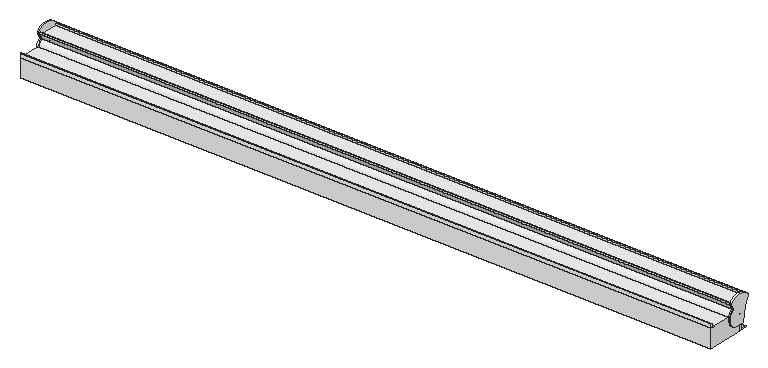
Revit family "SAE201", category Lighting Fixtures, host Face, Revit 2014
Parameters (values of type "SAE201-04")
  zz Length 2 = 48.000"
  zz Length 1 = zz Length 2 - 1.000" / 4  # 47.750"
  zz Angle 1 = if(Angle Tilt < 0.50°, 0.50°, if(Angle Tilt > 89.50°, 89.50°, Angle Tilt))  # 0.50°
  Warranty = "5 years warranty"  # constant formula
  Type Comments = "Lighting Fixture"  # constant formula
  Power Factor = 1
  Mounting = "Concealed Cove"  # constant formula
  Voltage = 120 V
  Wattage Comments = ""
  URL = "https://www.hubbell.com/litecontrol/en/"
  Product Page URL = "https://www.hubbell.com/litecontrol/en/Products/Lighting-Controls/Commercial-Indoor-Lighting/Perimeter-Lighting/SAE201-Adjustable-Concealed-Cove/p/2341526"
  Product Documentation Link = "https://hubbellcdn.com/specsheet/sae201.pdf"
  Model = "SAE201 Adjustable Concealed Cove"  # constant formula
  Manufacturer = "Litecontrol Lighting"  # constant formula
  Load Classification = Lighting
  Light Distribution = "Asymmetric Indirect"  # constant formula
  Lamp = "Fluorescent"  # constant formula
  Glass = Hubbell - White Glass
  Description = "SAE201 is a versatile, concealed, architectural cove light with the flexibility to adjust beam angle pre or post installation"  # constant formula
  Default Elevation = 48.000"
  Create Date = "05/21/2018"  # constant formula
  Copyright = "Copyright © 2016 Litecontrol"  # constant formula
  Contact Us = "https://www.hubbell.com/litecontrol/en/contactUs?productId=2341562"
  Backbox = Hubbell- Paint - Matte White
  Assembly Code = "D5020210"
  Apparent Load = 0 VA
  Angle option = MOD : 0 Degrees
  Angle Tilt = 0.00°
Types (5): name | zz Length 2 | zz Length 1 | zz Angle 1 | Angle Tilt
  (no name) | 48.000" | 47.750" | 0.50° | 0.00°
  SAE201-01 | 12.000" | 11.750" | 89.50° | 90.00°
  SAE201-02 | 24.000" | 23.750" | 89.50° | 90.00°
  SAE201-03 | 36.000" | 35.750" | 89.50° | 90.00°
  SAE201-04 | 48.000" | 47.750" | 0.50° | 0.00°
Reference planes (in)
  plane 1 "Center (Front/Back)": y = 0.03999
  plane 2: z = 0
  plane 3 "Center (Left/Right)": x = 1.66944
  plane 4: y = -1.21001
  plane 5: z = 1.14844
  plane 6: z = 2.4
  plane 7: y = 2.38999
  plane 8: y = 1.13218
Dimensions and locks (in)
  plane 6 to plane 2 = 2.400"
  plane 4 to plane 7 = 3.600"
  "zz Angle 1": angle nested 2 to plane 8
  aligned and locked: plane 2 to host face
  aligned and locked: level to host face
  aligned and locked: nested 1 to plane 3 "Center (Left/Right)"
  aligned and locked: nested 1 to plane 1 "Center (Front/Back)"
  aligned and locked: plane 4 to nested 1
  aligned and locked: plane 5 to nested 2
  aligned and locked: nested 2 to plane 3 "Center (Left/Right)"
Automatic sketch dimensions
  host sketch curve to host sketch curve = 96.000"  (x2)
Nested families (in)
  nested 1: "Housing" at (-0.37823, 0.07998, 0) x (-1, 0, 0) z (0, 0, 1), Glass <- "Glass", Backbox <- "Backbox", Row Length <- "zz Length 1", type "Housing"
    with Row Length 47.750", Glass Hubbell - White Glass, Backbox Hubbell- Paint - Matte White
  nested 2: "MOD" at (-22.33056, 1.13218, 1.14844) x (0, 1, -0.0087) z (1, 0, 0), type <- "Angle option", type "0 Degrees"
    with zz Length 1 48.000"
Connectors (in)
  electrical at (1.66944, 0.03999, 0), driven by "Load Classification", driven by "Voltage", driven by "Apparent Load", driven by "Power Factor"
    settings: on nested 1, index 1, voltage 120 V, apparent load 0 VA, apparent load phase1 0 VA, apparent load phase2 0 VA, apparent load phase3 0 VA, power factor 1, load classification "Lighting", number of poles 1, system type 30, power factor state 1, is connector primary yes, connector utility no, sub classification motor no, connector description "Electrical Connector"
Definition of nested family "Housing"
  Parameters (values of type "Housing")
    Wattage Comments = ""
    URL = ""
    Row Length [instance] = 48.000"
    Model = ""
    Manufacturer = ""
    Lamp = ""
    Glass [instance] = none
    Description = ""
    Default Elevation = 48.000"
    Backbox [instance] = none
  Reference planes (in)
    plane 1 "Center (Front/Back)": y = 0.03999
    plane 2: z = 0
    plane 3 "Center (Left/Right)": x = -2.04767
    plane 4: x = -26.04767
    plane 5: x = 21.95233
    plane 6: z = 1.25
    plane 7: y = 1.28999
    plane 8: y = -1.21001
    plane 9: y = -1.71001
    plane 10: z = 1.5
  Forms (in)
    Extrusion 1, solid
      sketch origin (0, 0, 0.06357) x (1, 0, 0) y (0, 1, 0)
        loop
          line (-48, 48) -> (-48, -48) -> (48, -48) -> (48, 48) -> (-48, 48)
      from -0.06357 to -17.74365
    Extrusion 2, solid, material <- "Backbox"
      sketch origin (-2.04767, 0, 0) x (0, 1, 0) y (0, 0, 1)
        loop
          line (1.28999, 1.25) -> (-1.21001, 1.25) -> (-1.21001, 0) -> (1.28999, 0) -> (1.28999, 1.25)
      from -24 to 24
    Extrusion 3, solid, material <- "Backbox"
      sketch origin (-2.04767, 0, 0) x (0, 1, 0) y (0, 0, 1)
        loop
          line (-1.21001, 0.5) -> (-1.27251, 0.5) -> (-1.27251, 0.0625) -> (-1.71001, 0.0625) -> (-1.71001, 0) -> (-1.21001, 0) -> (-1.21001, 0.5)
      from -24 to 24
    Extrusion 4, solid, material <- "Backbox"
      sketch origin (-2.04767, 0, 0) x (0, 1, 0) y (0, 0, 1)
        loop
          line (1.28999, 1.5) -> (1.22749, 1.5) -> (1.22749, 1.3125) -> (1.03999, 1.3125) -> (1.03999, 1.25) -> (1.28999, 1.25) -> (1.28999, 1.5)
      from -24 to 24
  Dimensions and locks (in)
    equal spacing: plane 5, plane 3 "Center (Left/Right)", plane 4
    "Row Length": plane 5 to plane 4
    equal spacing: plane 7, plane 1 "Center (Front/Back)", plane 8
    locked: plane 7 to plane 8 at 2.5
    locked: plane 6 to plane 2 at 1.25
    plane 7 to plane 9 = 3.000"
    plane 10 to plane 2 = 1.500"
    aligned and locked: plane 2 to Extrusion 1
    aligned and locked: plane 7 to Extrusion 2 sketch curve
    aligned and locked: Extrusion 2 sketch curve to plane 8
    aligned and locked: Extrusion 2 sketch curve to plane 6
    aligned and locked: plane 2 to Extrusion 2 sketch curve
    aligned and locked: Extrusion 2 to plane 4
    aligned and locked: plane 5 to Extrusion 2
    aligned and locked: plane 10 to Extrusion 4 sketch curve
    aligned and locked: Extrusion 3 to plane 4
    aligned and locked: plane 5 to Extrusion 3
    aligned and locked: plane 5 to Extrusion 4
    aligned and locked: Extrusion 4 to plane 4
  Automatic sketch dimensions
    Extrusion 1 sketch curve to Extrusion 1 sketch curve = 96.000"  (x2)
    Extrusion 3 sketch curve to plane 9 = 0.000"
    Extrusion 3 sketch curve to plane 8 = 0.000"
    Extrusion 3 sketch curve to level = 0.000"
    plane 8 to Extrusion 3 sketch curve = 0.0625"
    Extrusion 3 sketch curve to Extrusion 3 sketch curve = 0.0625"
    Extrusion 4 sketch curve to plane 6 = 0.000"
    Extrusion 4 sketch curve to plane 7 = 0.000"
    plane 7 to Extrusion 4 sketch curve = 0.0625"
    Extrusion 4 sketch curve to Extrusion 4 sketch curve = 0.0625"
    Extrusion 4 sketch curve to Extrusion 4 sketch curve = 0.1875"
    Extrusion 3 sketch curve to Extrusion 3 sketch curve = 0.4375"
Definition of nested family "MOD"
  Parameters (values of type "75 Degrees")
    zz Length 1 = 12.000"
    Wattage = 12.1178 W
    built-in parameter 1150110 = 1 (stored number, unit not read)
    built-in parameter 1114217 = 1 (stored number, unit not read)
    Tilt Angle = 90.00°
    built-in parameter 1150109 = 1 (stored number, unit not read)
    built-in parameter 1150134 = (empty or 0)
    built-in parameter 1150113 = 1 (stored number, unit not read)
    Photometric Web File = "SAE201-CC-AI-0202-C1-35K-I150-D01-1C-UNV-W1 (75 Degrees).ies"
    Lumens = 1800 lm
    built-in parameter 1150115 = 1 (stored number, unit not read)
    built-in parameter 1150105 = -1841400 (stored number, unit not read)
    built-in parameter 1150137 = (empty or 0)
    built-in parameter 1150139 = (empty or 0)
    built-in parameter 1150112 = 1 (stored number, unit not read)
    built-in parameter 1150114 = 1 (stored number, unit not read)
    built-in parameter 1150132 = 2
    built-in parameter 1150102 = (empty or 0)
    built-in parameter 1150138 = (empty or 0)
    built-in parameter 1150107 = 3000 (stored number, unit not read)
    built-in parameter 1150106 = -18414 (stored number, unit not read)
    Housing = Hubbell- Paint - Matte White
    Glass = Hubbell - White Glass
    Emit from Rectangle Width = zz Length 1 - 1.000"  # 11.000"
    Emit from Rectangle Length = 1.000"  # constant formula
    Emit Shape Visible in Rendering = no
    built-in parameter 1150104 = 13.8 (stored number, unit not read)
    Dimming Lamp Color Temperature Shift = (empty or 0)
    Default Elevation = 48.000"
    Color Filter = 16777215
    built-in parameter 1114218 = 1 (stored number, unit not read)
    built-in parameter 1150133 = 10 (stored number, unit not read)
  Types (3): name | Photometric Web File
    0 Degrees | "SAE201-CC-AI-0202-C1-35K-I150-D01-1C-UNV-W1  (0 Degrees).ies"
    45 Degrees | "SAE201-CC-AI-0202-C1-35K-I150-D01-1C-UNV-W1 (45 Degrees).ies"
    75 Degrees | "SAE201-CC-AI-0202-C1-35K-I150-D01-1C-UNV-W1 (75 Degrees).ies"
  Reference planes (in)
    plane 1 "Light Source Axis (F/B)": y = 0
    plane 2: z = 0
    plane 3 "Light Source Axis (L/R)": x = 0
    plane 4 "Light Source Elevation": z = 6
    plane 5: z = 0.125
    plane 6: z = 12
    plane 7: z = 11.875
  Forms (in)
    Extrusion 1, solid, material "Hubbell- Paint - Matte White" <- "Housing"
      sketch origin (0, 0, 0) x (1, 0, 0) y (0, 1, 0)
        loop
          line (0.26004, -0.65641) -> (0.43368, 0.3284) -> (0.72068, 0.84615) -> (0.72068, 0.94134)
          arc (0.72068, 0.94134) -> (0, 1.25219) -> (-0.72068, 0.94134) r 0.99086
          line (-0.72068, 0.94134) -> (-0.72068, 0.84615) -> (-0.51842, 0.48126)
          arc (-0.51842, 0.48126) -> (-0.7974, -0.14078) -> (-0.35143, -0.65641) r 0.6343
          line (-0.35143, -0.65641) -> (0.26004, -0.65641)
        loop
          circle (0, 0) r 0.09088
      from 0 to 0.125
    Extrusion 2, solid, material "Hubbell- Paint - Matte White" <- "Housing"
      sketch origin (0, 0, 0.25) x (0, -1, 0) y (1, 0, 0)
        loop
          line (0.65641, 0.26004) -> (-0.3284, 0.43368) -> (-0.84615, 0.72068) -> (-0.94134, 0.72068) -> (-0.94134, 0.6593) -> (-0.80508, 0.6593) -> (-0.80508, -0.6593) -> (-0.94134, -0.6593) -> (-0.94134, -0.72068) -> (-0.84615, -0.72068) -> (-0.48126, -0.51842)
          arc (-0.48126, -0.51842) -> (0.14078, -0.7974) -> (0.65641, -0.35143) r 0.6343
          line (0.65641, -0.35143) -> (0.65641, 0.26004)
        loop
          circle (0, 0) r 0.09088
      from -0.125 to 11.625
    Extrusion 3, solid, material "Hubbell- Paint - Matte White" <- "Housing"
      sketch origin (0, 0, 56.5) x (0, -1, 0) y (1, 0, 0)
        loop
          line (0.65641, 0.26004) -> (-0.3284, 0.43368) -> (-0.84615, 0.72068) -> (-0.94134, 0.72068)
          arc (-0.94134, 0.72068) -> (-1.25219, 0) -> (-0.94134, -0.72068) r 0.99086
          line (-0.94134, -0.72068) -> (-0.84615, -0.72068) -> (-0.48126, -0.51842)
          arc (-0.48126, -0.51842) -> (0.14078, -0.7974) -> (0.65641, -0.35143) r 0.6343
          line (0.65641, -0.35143) -> (0.65641, 0.26004)
        loop
          circle (0, 0) r 0.09088
      from -44.625 to -44.5
    Extrusion 4, solid, material "Hubbell - White Glass" <- "Glass"
      sketch origin (0, 0, 0) x (1, 0, 0) y (0, 1, 0)
        loop
          arc (0.72068, 0.94134) -> (0, 1.25219) -> (-0.72068, 0.94134) r 0.99086
          line (-0.72068, 0.94134) -> (-0.6593, 0.94134) -> (-0.6593, 0.80508) -> (0.6593, 0.80508) -> (0.6593, 0.94134) -> (0.72068, 0.94134)
      from 0.125 to 11.875
  Lines and regions (in)
    reference lines
      curve 1: line (0, 0, 0) -> (0, 3, 0)
  Dimensions and locks (in)
    locked: plane 5 to plane 2 at 0.125
    locked: plane 6 to plane 7 at 0.125
    equal spacing: plane 6, plane 4 "Light Source Elevation", plane 2
    "zz Length 1": plane 6 to plane 2
    aligned and locked: level to plane 2
    aligned and locked: plane 5 to Extrusion 1
    aligned and locked: Extrusion 2 to plane 5
    aligned and locked: plane 7 to Extrusion 2
    aligned and locked: Extrusion 3 to plane 7
    aligned and locked: plane 6 to Extrusion 3
    aligned and locked: plane 7 to Extrusion 4
    aligned and locked: Extrusion 4 to plane 5
    aligned and locked: imposter light to plane 4 "Light Source Elevation"
  Automatic sketch dimensions
    plane 1 "Light Source Axis (F/B)" to Extrusion 1 sketch curve = 0.000"
    Extrusion 1 sketch curve to plane 3 "Light Source Axis (L/R)" = 0.000"  (x2)
    plane 1 "Light Source Axis (F/B)" to Extrusion 1 sketch curve = 0.04866"
    Extrusion 1 sketch curve to plane 3 "Light Source Axis (L/R)" = 0.16982"
    Extrusion 1 sketch curve to plane 3 "Light Source Axis (L/R)" = 0.35143"
    Extrusion 1 sketch curve to plane 3 "Light Source Axis (L/R)" = 0.51842"
    Extrusion 1 sketch curve to Extrusion 1 sketch curve = 0.20226"
    plane 3 "Light Source Axis (L/R)" to Extrusion 1 sketch curve = 0.26004"
    plane 3 "Light Source Axis (L/R)" to Extrusion 1 sketch curve = 0.43368"
    Extrusion 1 sketch curve to Extrusion 1 sketch curve = 0.287"
    plane 1 "Light Source Axis (F/B)" to Extrusion 1 sketch curve = 0.65641"
    Extrusion 1 sketch curve to plane 1 "Light Source Axis (F/B)" = 0.26133"
    Extrusion 1 sketch curve to plane 1 "Light Source Axis (F/B)" = 0.3284"
    Extrusion 1 sketch curve to Extrusion 1 sketch curve = 0.51776"
    Extrusion 1 sketch curve to Extrusion 1 sketch curve = 0.36489"
    Extrusion 1 sketch curve to Extrusion 1 sketch curve = 0.09519"
    Extrusion 3 sketch curve to plane 3 "Light Source Axis (L/R)" = 0.000"  (x2)
    plane 1 "Light Source Axis (F/B)" to Extrusion 3 sketch curve = 0.000"
    Extrusion 3 sketch curve to plane 1 "Light Source Axis (F/B)" = 0.26133"
    Extrusion 3 sketch curve to plane 1 "Light Source Axis (F/B)" = 0.3284"
    Extrusion 3 sketch curve to plane 1 "Light Source Axis (F/B)" = 0.48126"
    Extrusion 3 sketch curve to Extrusion 3 sketch curve = 0.36489"
    Extrusion 3 sketch curve to Extrusion 3 sketch curve = 0.51776"
    Extrusion 3 sketch curve to Extrusion 3 sketch curve = 0.09519"  (x2)
    plane 1 "Light Source Axis (F/B)" to Extrusion 3 sketch curve = 0.04866"
    Extrusion 3 sketch curve to plane 3 "Light Source Axis (L/R)" = 0.35143"
    Extrusion 3 sketch curve to Extrusion 3 sketch curve = 0.60775"
    Extrusion 3 sketch curve to plane 3 "Light Source Axis (L/R)" = 0.51842"
    Extrusion 3 sketch curve to Extrusion 3 sketch curve = 0.20226"
    plane 3 "Light Source Axis (L/R)" to Extrusion 3 sketch curve = 0.26004"
    plane 3 "Light Source Axis (L/R)" to Extrusion 3 sketch curve = 0.43368"
    plane 1 "Light Source Axis (F/B)" to Extrusion 2 sketch curve = 0.000"
    Extrusion 2 sketch curve to plane 3 "Light Source Axis (L/R)" = 0.000"
    Extrusion 2 sketch curve to plane 1 "Light Source Axis (F/B)" = 0.3284"
    Extrusion 2 sketch curve to plane 1 "Light Source Axis (F/B)" = 0.48126"
    Extrusion 2 sketch curve to Extrusion 2 sketch curve = 0.32382"
    Extrusion 2 sketch curve to Extrusion 2 sketch curve = 0.04107"  (x2)
    Extrusion 2 sketch curve to Extrusion 2 sketch curve = 0.09519"  (x2)
    plane 1 "Light Source Axis (F/B)" to Extrusion 2 sketch curve = 0.04866"
    plane 3 "Light Source Axis (L/R)" to Extrusion 2 sketch curve = 0.26004"
    plane 1 "Light Source Axis (F/B)" to Extrusion 2 sketch curve = 0.65641"
    Extrusion 2 sketch curve to plane 3 "Light Source Axis (L/R)" = 0.16982"
    Extrusion 2 sketch curve to plane 3 "Light Source Axis (L/R)" = 0.35143"
    Extrusion 2 sketch curve to Extrusion 2 sketch curve = 0.14088"
    Extrusion 2 sketch curve to Extrusion 2 sketch curve = 0.06138"  (x2)
    plane 3 "Light Source Axis (L/R)" to Extrusion 2 sketch curve = 0.43368"
    Extrusion 2 sketch curve to Extrusion 2 sketch curve = 0.22562"
    Extrusion 4 sketch curve to plane 3 "Light Source Axis (L/R)" = 0.000"
    Extrusion 4 sketch curve to plane 3 "Light Source Axis (L/R)" = 0.72068"
    Extrusion 4 sketch curve to plane 1 "Light Source Axis (F/B)" = 0.26133"
    Extrusion 4 sketch curve to plane 1 "Light Source Axis (F/B)" = 0.94134"
    Extrusion 4 sketch curve to Extrusion 4 sketch curve = 0.06138"  (x2)
    plane 3 "Light Source Axis (L/R)" to Extrusion 4 sketch curve = 0.72068"
    Extrusion 4 sketch curve to Extrusion 4 sketch curve = 0.13626"
    curve 1 to plane 3 "Light Source Axis (L/R)" = 0.000"
    plane 1 "Light Source Axis (F/B)" to curve 1 = 0.000"
    curve 1 to plane 1 "Light Source Axis (F/B)" = 3.000"
    radius of Extrusion 1 sketch curve = 0.09088"
    radius of Extrusion 3 sketch curve = 0.09088"
    radius of Extrusion 2 sketch curve = 0.09088"
